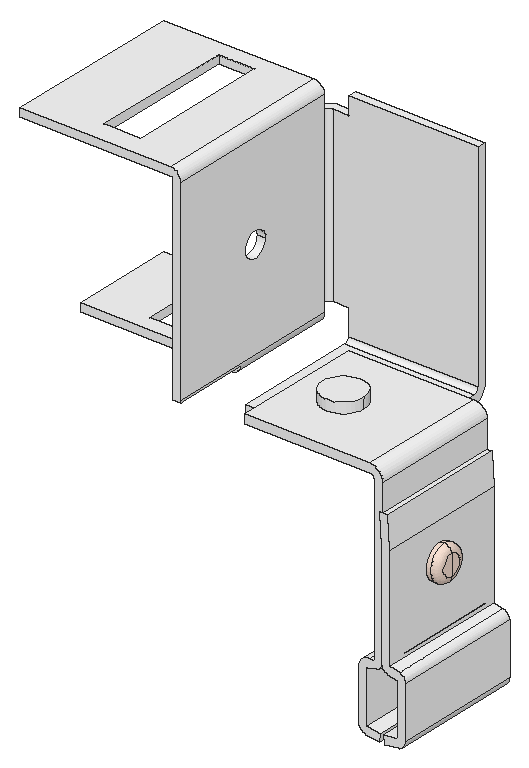
Revit family "CTハンガー自在H=38(6mm用)", category 機械設備, Revit 2020
Family settings
  丸型コネクタ寸法 = 直径を使用
  種別 = なし
  パーツ タイプ = 標準
  作業面ベース = いいえ
  常に垂直 = はい
  ロード時にボイドで切り取り = いいえ
  共有 = いいえ
  部屋計算ポイント = いいえ
Parameters
  製造元 = "株式会社桐井製作所"
  既定の高さ = 0 mm
  URL = "https://www.kirii.co.jp/"
  K_角度 [instance] = 90.00°
  K_材質 = "溶融亜鉛めっき鋼板及び鋼帯 SGCC 一般用"
  K_品名 = "CTハンガー自在H=38(6mm)"
  K_名称 = "CTハンガー"
  K_バージョン情報 = "20220915"
  K_めっき付着量 = "Z12"
  K_JIS規格 = "JIS G 3302"
Reference planes
  plane 1 "中心(正面/背面)": y = 0
  plane 2: z = 0
  plane 3 "中心(左/右)": x = 0
Forms (mm)
  Extrusion 1, solid, material "05吊り材"
    sketch origin (-3, 16.9, -12.872) x (1, 0, 0) y (0, 0, 1)
      loop
        line (-44.5, 56.456) -> (-44.5, 54.856) -> (-15.1, 54.856) -> (-15.1, 16.456) -> (-44.5, 16.456) -> (-44.5, 14.856) -> (-15.1, 14.856)
        arc (-15.1, 14.856) -> (-13.949, 15.576) -> (-13.5, 16.856) r 2.05
        line (-13.5, 16.856) -> (-13.5, 54.456)
        arc (-13.5, 54.456) -> (-14.086, 55.87) -> (-15.5, 56.456) r 2
        line (-15.5, 56.456) -> (-44.5, 56.456)
    from 0.9 to 35.4
  Extrusion 2, void
    sketch origin (-3, 16.9, -12.403) x (0, 1, 0) y (0, 0, 1)
      loop
        circle (-17.5, 35.456) r 2.5
    from -15.1 to -13.5
  Extrusion 3, void
    sketch origin (-3, 16.9, -52.403) x (1, 0, 0) y (0, 1, 0)
      loop
        line (-33.5, -3.9) -> (-33.5, -17.9) -> (-26.5, -17.9) -> (-26.5, -3.9) -> (-33.5, -3.9)
    from 54.387 to 55.987
  Extrusion 4, void
    sketch origin (-3, 16.9, -12.403) x (1, 0, 0) y (0, 1, 0)
      loop
        line (-31.5, -3.9) -> (-31.5, -31.4) -> (-24.5, -31.4) -> (-24.5, -3.9) -> (-31.5, -3.9)
    from 54.387 to 55.987
  Extrusion 5, solid, material "05吊り材"
    sketch origin (-3, 71.54, -12.403) x (0, 1, 0) y (0, 0, 1)
      loop
        arc (-55.54, 10.803) -> (-53.772, 11.535) -> (-53.04, 13.303) r 2.5
        line (-53.04, 13.303) -> (-53.04, 54.803) -> (-54.64, 54.803) -> (-54.64, 13.303)
        arc (-54.64, 13.303) -> (-54.904, 12.667) -> (-55.54, 12.403) r 0.9
        line (-55.54, 12.403) -> (-79.54, 12.403) -> (-79.54, 10.803) -> (-55.54, 10.803)
    from -9.5 to 15.5
  Extrusion 6, solid, material "05吊り材"
    sketch origin (0, 71.54, -12.403) x (1, 0, 0) y (0, 1, 0)
      loop
        line (-15.6, -54.64) -> (-12.5, -54.64) -> (-12.5, -53.04) -> (-15.6, -53.04)
        arc (-15.6, -53.04) -> (-17.368, -53.772) -> (-18.1, -55.54) r 2.5
        line (-18.1, -55.54) -> (-16.5, -55.54)
        arc (-16.5, -55.54) -> (-16.236, -54.904) -> (-15.6, -54.64) r 0.9
    from 18.303 to 51.456
  Extrusion 7, void
    sketch origin (-3, 18.5, -12.403) x (1, 0, 0) y (0, 1, 0)
      loop
        circle (3, -18.5) r 2.5
    from 10.803 to 12.403
  Extrusion 8, void
    sketch origin (0, 0, -12.403) x (0, 1, 0) y (0, 0, 1)
      loop
        line (-4, 15.987) -> (-18.5, 15.987) -> (-18.5, 14.387) -> (-4, 14.387) -> (-4, 15.987)
    from -47.5 to -16.187
Cuts and joins
  Extrusion 2, Extrusion 3, Extrusion 4, Extrusion 8 cuts Extrusion 1
  Extrusion 7 cuts Extrusion 5
  joined: Extrusion 1, Extrusion 5, Extrusion 6
Dimensions and locks
  "K_角度": angle nested 1 to plane 1 "中心(正面/背面)"
  aligned and locked: level to plane 2
  aligned and locked: Extrusion 4 to Extrusion 3
Automatic sketch dimensions
  Extrusion 1 sketch curve to plane 3 "中心(左/右)" = 47.5 mm
  level to Extrusion 1 sketch curve = 1.985 mm
  Extrusion 1 sketch curve to Extrusion 1 sketch curve = 0 mm  (x2)
  level to Extrusion 1 sketch curve = 3.985 mm
  Extrusion 1 sketch curve to plane 3 "中心(左/右)" = 18.55 mm
  Extrusion 1 sketch curve to plane 3 "中心(左/右)" = 18.5 mm
  Extrusion 1 sketch curve to Extrusion 1 sketch curve = 0.4 mm  (x2)
  Extrusion 1 sketch curve to Extrusion 1 sketch curve = 1.6 mm
  Extrusion 1 sketch curve to Extrusion 1 sketch curve = 37.6 mm
  plane 1 "中心(正面/背面)" to Extrusion 2 sketch curve = 0.6 mm
  level to Extrusion 2 sketch curve = 23.053 mm
  plane 1 "中心(正面/背面)" to Extrusion 3 sketch curve = 1 mm
  Extrusion 3 sketch curve to plane 3 "中心(左/右)" = 36.5 mm
  Extrusion 3 sketch curve to Extrusion 3 sketch curve = 7 mm
  Extrusion 3 sketch curve to plane 1 "中心(正面/背面)" = 13 mm
  plane 1 "中心(正面/背面)" to Extrusion 4 sketch curve = 14.5 mm
  Extrusion 4 sketch curve to plane 3 "中心(左/右)" = 34.5 mm
  Extrusion 4 sketch curve to Extrusion 4 sketch curve = 7 mm
  Extrusion 4 sketch curve to plane 1 "中心(正面/背面)" = 13 mm
  Extrusion 5 sketch curve to Extrusion 5 sketch curve = 0 mm  (x2)
  Extrusion 5 sketch curve to level = 0 mm
  Extrusion 5 sketch curve to level = 1.6 mm
  plane 1 "中心(正面/背面)" to Extrusion 5 sketch curve = 8 mm
  Extrusion 5 sketch curve to plane 1 "中心(正面/背面)" = 16 mm
  Extrusion 5 sketch curve to plane 1 "中心(正面/背面)" = 16.9 mm
  Extrusion 5 sketch curve to Extrusion 5 sketch curve = 41.5 mm
  Extrusion 6 sketch curve to Extrusion 6 sketch curve = 0 mm  (x2)
  Extrusion 6 sketch curve to plane 3 "中心(左/右)" = 18.1 mm
  Extrusion 6 sketch curve to Extrusion 6 sketch curve = 1.6 mm
  Extrusion 6 sketch curve to Extrusion 6 sketch curve = 0.9 mm
  Extrusion 6 sketch curve to Extrusion 6 sketch curve = 3.1 mm
  Extrusion 6 sketch curve to plane 1 "中心(正面/背面)" = 16 mm
  plane 1 "中心(正面/背面)" to Extrusion 7 sketch curve = 0 mm
  Extrusion 7 sketch curve to plane 3 "中心(左/右)" = 0 mm
  level to Extrusion 8 sketch curve = 3.585 mm
  plane 1 "中心(正面/背面)" to Extrusion 8 sketch curve = 18.5 mm
  level to Extrusion 8 sketch curve = 1.985 mm
  plane 1 "中心(正面/背面)" to Extrusion 8 sketch curve = 4 mm
  radius of Extrusion 2 sketch curve = 2.5 mm
  radius of Extrusion 7 sketch curve = 2.5 mm
Nested families
  nested 1: "自在ハンガー用(回転部分）" at (0, 0, 0), type "自在ハンガー用(回転部分）"
Definition of nested family "自在ハンガー用(回転部分）"
  Parameters (values of type "自在ハンガー用(回転部分）")
    Manufacturer = "株式会社桐井製作所"
    Default Elevation = 0 mm
    URL = "https://www.kirii.co.jp/"
    K_名称 = "CTハンガー自在用(回転部分)"
    K_バージョン情報 = "20220915"
  Reference planes
    plane 1 "中心(正面/背面)": y = 0
    plane 2: z = 0
    plane 3 "中心(左/右)": x = 0
  Forms (mm)
    Extrusion 1, solid
      sketch origin (15.431, -0.859, -27.862) x (0, 1, 0) y (0, 0, 1)
        loop
          circle (0, 8.936) r 3.499
      from -0.947 to 1.053
    Extrusion 2, solid
      sketch origin (16.4, -2.6, -30.224) x (-1, 0, 0) y (0, 0, 1)
        loop
          arc (-1.2, -1.676) -> (-0.861, -2.66) -> (0.011, -3.228) r 1.6
          line (0.011, -3.228) -> (1.8, -3.676) -> (1.8, -13.676) -> (-0.9, -14.06) -> (-0.675, -15.644) -> (2.025, -15.26)
          arc (2.025, -15.26) -> (3.008, -14.725) -> (3.4, -13.676) r 1.6
          line (3.4, -13.676) -> (3.4, -3.944)
          arc (3.4, -3.944) -> (2.814, -2.53) -> (1.4, -1.944) r 2
          line (1.4, -1.944) -> (0.4, -1.944) -> (0.4, 11.856) -> (0.4, 29.324)
          arc (0.4, 29.324) -> (0.664, 29.961) -> (1.3, 30.224) r 0.9
          line (1.3, 30.224) -> (25.4, 30.224) -> (25.4, 31.824) -> (1.3, 31.824)
          arc (1.3, 31.824) -> (-0.468, 31.092) -> (-1.2, 29.324) r 2.5
          line (-1.2, 29.324) -> (-1.2, -1.544)
      from -9.9 to 15.1
    Extrusion 3, solid
      sketch origin (16.125, -0.25, -30.224) x (-1, 0, 0) y (0, 0, 1)
        loop
          line (-2.675, 24.324) -> (-3.075, 18.324) -> (-3.075, -1.676) -> (-4.863, -2.124)
          arc (-4.863, -2.124) -> (-5.736, -2.691) -> (-6.075, -3.676) r 1.6
          line (-6.075, -3.676) -> (-6.075, -13.676)
          arc (-6.075, -13.676) -> (-5.683, -14.725) -> (-4.7, -15.26) r 1.6
          line (-4.7, -15.26) -> (-2, -15.644) -> (-1.775, -14.06) -> (-4.475, -13.676) -> (-4.475, -3.676) -> (-2.686, -3.228)
          arc (-2.686, -3.228) -> (-1.813, -2.66) -> (-1.475, -1.676) r 1.6
          line (-1.475, -1.676) -> (-1.475, 18.271) -> (-1.078, 24.218) -> (-2.675, 24.324)
      from -12.5 to 12.5
    Extrusion 4, solid
      sketch origin (0, 0, 1.6) x (1, 0, 0) y (0, 1, 0)
        loop
          circle (0, 0) r 4
      from 0 to 2
  Dimensions and locks
    aligned and locked: level to plane 2
  Nested families
    nested 1: "直吊りハンガー用ビス" at (19.2, -0.848, -18.89) x (0, 1, 0) z (0, 0, 1), type "直吊りハンガー用ビス"
  Definition of nested family "直吊りハンガー用ビス"
    Parameters (values of type "直吊りハンガー用ビス")
      Manufacturer = "株式会社桐井製作所"
      Default Elevation = 0 mm
      URL = "https://www.kirii.co.jp/"
      K_名称 = "M6×25ボルト"
    Reference planes
      plane 1 "中心(正面/背面)": y = 0
      plane 2: z = 0
      plane 3 "中心(左/右)": x = 0
      plane 4 "正面": y = -5
    Forms (mm)
      Extrusion 1, solid
        sketch origin (0, 0, 0.234) x (1, 0, 0) y (0, 0, 1)
          loop
            circle (-0.011, -0.2) r 2.5
        from 0 to -5
      Revolve 2, solid
        sketch origin (0, 0, 0) x (0, 1, 0) y (0, 0, 1)
          loop
            line (0, 0) -> (-2.299, 0) -> (-2.299, -1.966)
            arc (-2.299, -1.966) -> (-1.904, -2.921) -> (-0.949, -3.316) r 1.35
            line (-0.949, -3.316) -> (0, -3.316) -> (0, 0)
          axis (0, 0) -> (-2.299, 0)
        angle from 0 to 360
    Cuts and joins
      joined: Extrusion 1, Revolve 2
    Dimensions and locks
      aligned and locked: level to plane 2
